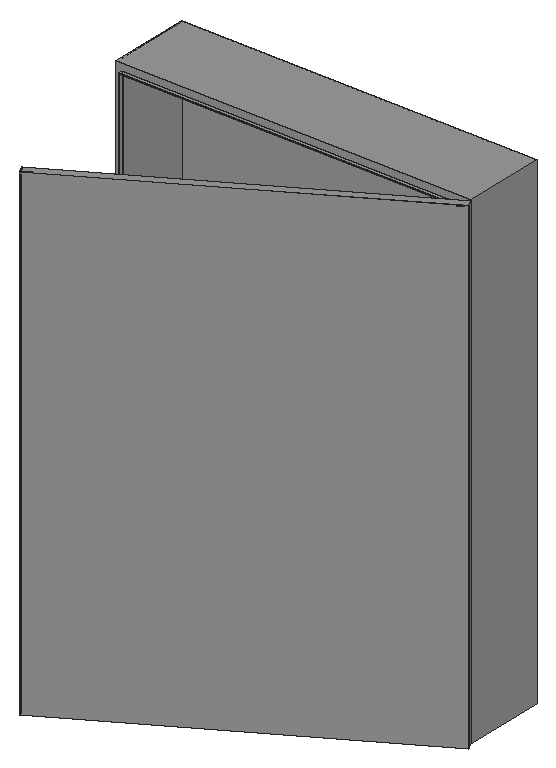
Revit family "Hager-Univers-IP44-D205-H1100-Cl.II-Encl-NoHosted-AT-de", category Equipement électrique, Revit 2020
Family settings
  Configuration du panneau = Deux colonnes, circuits au sein
  Cote de connecteur circulaire = Utiliser le diamètre
  Type d'élément = Tableau de raccordement
  Basée sur le plan de construction = Oui
  Toujours verticalement = Oui
  Couper avec des vides une fois chargée = Non
  Partagée = Non
  Point de calcul de pièce = Non
Parameters (values of type "Aufputz IP44 B800 H1100 T205  - FP73SN2")
  Width Control [instance] = if([EF000008 - Breite] > Min Width, [EF000008 - Breite], Min Width)  # 800 mm
  Commentaires du type = [HG000003 - Bereich]  # "Univers"
  Thickness Door [instance] = if([EF009171 - Materialstärke Tür/Deckel] > 3 mm, 3 mm, [EF009171 - Materialstärke Tür/Deckel])  # 1 mm
  Seal Frame Offset [instance] = 17 mm  # constant formula
  Plinth Visibility [instance] = [HG000027 - Sockelhöhe] > 0 mm  # no
  Min Width [instance] = 100 mm  # constant formula
  Min Depth [instance] = (2 * [EF009170 - Materialstärke Gehäuse]) + 1 mm  # 3 mm
  Min Height [instance] = 100 mm  # constant formula
  Internal Frame Depth [instance] = (Door System Depth * 0.5)  # 9 mm
  Panel Name [instance] = ""  # (empty or 0)
  Model = ""
  HG000027 - Sockelhöhe = 0 mm
  HG000026 - Stehend auf dem Boden = no
  HG000024 - Höhe des unteren Teils = 600 mm
  HG000023 - Gehäuse mit doppeltem Querschnitt = no
  HG000016 - 3D-Türsichtbarkeit [instance] = yes
  HG000015 - Sichtbarkeit der Türöffnung [instance] = no
  HG000014 - Tür rechts [instance] = yes
  HG000013 - Tür links [instance] = not([HG000014 - Tür rechts])  # no
  HG000012 - Türschwenkwinkel [instance] = 30.00°
  HG000010 - Asymmetrische Türen = no
  HG000009 - Doppelflügeligen Tür = no
  HG000006 - Unterputz = no
  HG000004 - Herstellerreferenz = "FP73SN2"
  HG000003 - Bereich = "Univers"
  HG000002 - Mit tür = yes
  Frame Offset Bottom [instance] = 10 mm  # constant formula
  Frame Offset [instance] = 15 mm  # constant formula
  EF015940 - Deckel mit Überdruckentlastung = no
  EF011959 - Schutzart (NEMA) = ""
  EF009554 - Anzahl der Öffnungen für Flanschplatten = 6
  EF009212 - Ausführung Deckel = "EV000116 - geschlossen"
  EF009171 - Materialstärke Tür/Deckel = 1 mm
  EF009170 - Materialstärke Gehäuse = 1 mm
  EF008873 - Nennstrom (In) = 250 A
  EF007800 - Geeignet für Blitzschutz = no
  EF006306 - Mit Schloss = no
  EF006244 - Transparenter Deckel/Tür = no
  EF005474 - Schutzart (IP) = "EV006418 - IP44"
  EF004464 - Art der Tür = "EV002646 - Einzel"
  EF004427 - Anzahl der Module = 252
  EF004293 - Schlagfestigkeit = "EV006815 - IK09"
  EF003532 - Geeignet für Außengebrauch = no
  EF002950 - Breite in Teilungseinheiten = 36
  EF001613 - Funktionserhalt = "EV000494 - ohne"
  EF001596 - Werkstoff des Gehäuses = "EV000179 - Stahl"
  EF001131 - Innentiefe = 143 mm
  EF001088 - Anbaumöglichkeit = yes
  EF000437 - Anzahl der Leitungseinführungen = 6
  EF000339 - Art der Abdeckung = "EV001012 - Deckel"
  EF000266 - Anzahl der Reihen = 7
  EF000218 - Einbautiefe = 205 mm
  EF000118 - Mit Montageplatte = no
  EF000116 - RAL-Nummer = "9010"
  EF000049 - Tiefe = 205 mm
  EF000040 - Höhe = 1100 mm
  EF000008 - Breite = 800 mm
  EF000007 - Farbe = "EV000202 - weiß"
  EF000003 - Montageart = "EV000384 - Aufputz"
  Door System Leaf Tolerance [instance] = 1.5 mm  # constant formula
  Door System Depth [instance] = 18 mm  # constant formula
  Door Height [instance] = Height Control - [HG000027 - Sockelhöhe]  # 1100 mm
  Description = ""
  Default Elevation = 1219.2 mm
  Connector Offset [instance] = Height Control / 2  # 550 mm
  Fabricant = "Hager"  # constant formula
  Height Control [instance] = if([EF000040 - Höhe] > Min Height, [EF000040 - Höhe], Min Height)  # 1100 mm
  Depth Control [instance] = if([EF000049 - Tiefe] > Min Depth, [EF000049 - Tiefe], Min Depth)  # 205 mm
  Bottom Top Plate Trim [instance] = 1.5 mm  # constant formula
  Plinth height Ctrl [instance] = if([HG000027 - Sockelhöhe] > 0 mm, [HG000027 - Sockelhöhe], 12 mm)  # 12 mm
Types (5, lengths in mm): name | Width Control | HG000010 - Asymmetrische Türen | HG000009 - Doppelflügeligen Tür | HG000004 - Herstellerreferenz | EF009554 - Anzahl der Öffnungen für Flanschplatten | EF004464 - Art der Tür | EF004427 - Anzahl der Module | EF002950 - Breite in Teilungseinheiten | EF000437 - Anzahl der Leitungseinführungen | EF000008 - Breite
  Aufputz IP44 B1050 H1100 T205  - FP74SN2 | 1050 | no | yes | "FP74SN2" | 8 | "EV003602 - Doppel" | 336 | 48 | 8 | 1050
  Aufputz IP44 B1300 H1100 T205  - FP75SN2 | 1300 | yes | yes | "FP75SN2" | 10 | "EV003602 - Doppel" | 420 | 60 | 10 | 1300
  Aufputz IP44 B300 H1100 T205  - FP71SN2 | 300 | no | no | "FP71SN2" | 2 | "EV002646 - Einzel" | 84 | 12 | 2 | 300
  Aufputz IP44 B550 H1100 T205  - FP72SN2 | 550 | no | no | "FP72SN2" | 4 | "EV002646 - Einzel" | 168 | 24 | 4 | 550
  Aufputz IP44 B800 H1100 T205  - FP73SN2 | 800 | no | no | "FP73SN2" | 6 | "EV002646 - Einzel" | 252 | 36 | 6 | 800
Reference planes
  plane 1 "Center (Front/Back)": y = 0
  plane 2: z = 0
  plane 3 "Center (Left/Right)": x = 0
  plane 4: y = 0
  plane 5: y = 0
  plane 6: z = 0
  plane 7: x = -400
  plane 8: x = 400
  plane 9: x = 399
  plane 10: x = -399
  plane 11: z = 0
  plane 12: z = 1
  plane 13: y = -205
  plane 14: y = -1
  plane 15: x = 0
  plane 16: y = -187
  plane 17: y = -204
  plane 18: y = -186
  plane 19: x = -384
  plane 20: x = 384
  plane 21: z = 11
  plane 22: x = -383
  plane 23: x = 383
  plane 24: z = 0
  plane 25: z = 1100
  plane 26: z = 1100
  plane 27: z = 1084
  plane 28: z = 1099
Forms (mm)
  Extrusion 1, solid, material "Hager_Steel_RAL7035_Light_Grey", detail levels medium+fine
    sketch origin (-208.679, -4572, 0) x (-1, 0, 0) y (0, -1, 0)
      loop
        line (191.321, -4385) -> (-608.679, -4385) -> (-608.679, -4572) -> (191.321, -4572) -> (191.321, -4385)
    from 0 to 1100
  Extrusion 2, void
    sketch origin (-350.771, -205, 1219.2) x (1, 0, 0) y (0, 0, 1)
      loop
        line (-48.229, -120.2) -> (-48.229, -1218.2) -> (749.771, -1218.2) -> (749.771, -120.2) -> (-48.229, -120.2)
    from -19 to -204
  Extrusion 3, void
    sketch origin (-290.084, -187, 1219.2) x (1, 0, 0) y (0, 0, 1)
      loop
        line (-93.916, -1208.2) -> (674.084, -1208.2) -> (674.084, -135.2) -> (-93.916, -135.2) -> (-93.916, -1208.2)
    from 0 to -1
  Extrusion 4, solid, material "Hager_Steel_RAL7035_Light_Grey", visible <- "Plinth Visibility", detail levels medium+fine
    sketch origin (0, 0, 0) x (1, 0, 0) y (0, 1, 0)
      loop
        line (-400, 0) -> (-400, -187) -> (400, -187) -> (400, 0) -> (-400, 0)
    from 0 to 12 <- "Plinth height Ctrl"
  Extrusion 5, solid, material "Hager_Steel_RAL7035_Light_Grey", detail levels coarse
    sketch origin (0, 0, 0) x (1, 0, 0) y (0, 1, 0)
      loop
        line (-400, 0) -> (-400, -205) -> (400, -205) -> (400, 0) -> (-400, 0)
    from 0 to 1100 <- "Height Control"
  Sweep 6, void
    path in 3D
      loop
        line (-400, -187, 12) -> (400, -187, 12) -> (400, 0, 12) -> (-400, 0, 12) -> (-400, -187, 12)
    profile origin (-400, -93.5, 12) x (1, 0, 0) y (0, 0, 1)
      loop
        line (0, 0) -> (0, -1.5) -> (1.5, -1.5)
        arc (1.5, -1.5) -> (1.061, -0.439) -> (0, 0) r 1.5
  Extrusion 7, solid, material "Hager_Steel_RAL7035_Light_Grey", detail levels fine
    sketch origin (-400, -187, 0) x (1, 0, 0) y (0, 0, 1)
      loop
        line (16, 11) -> (784, 11) -> (784, 1084) -> (16, 1084) -> (16, 11)
      loop
        line (15, 10) -> (785, 10) -> (785, 1085) -> (15, 1085) -> (15, 10)
    from 0 to 9 <- "Internal Frame Depth"
Cuts and joins
  Extrusion 2, Extrusion 3 cuts Extrusion 1
  Sweep 6 cuts Extrusion 4
Lines and regions (mm)
  Masking region 1
    outline origin (0, 0, 0) x (1, 0, 0) y (0, 1, 0)
      loop
        line (-400, 0) -> (-400, -205) -> (400, -205) -> (400, 0) -> (-400, 0)
  Masking region 2, detail levels coarse
    outline origin (-290.084, -187, 1219.2) x (-1, 0, 0) y (0, 0, 1)
      loop
        line (-690.084, -1219.2) -> (109.916, -1219.2) -> (109.916, -119.2) -> (-690.084, -119.2) -> (-690.084, -1219.2)
  Masking region 3, detail levels coarse
    outline origin (0, 0, 0) x (0, 1, 0) y (0, 0, 1)
      loop
        line (0, 0) -> (0, 1100) -> (-205, 1100) -> (-205, 0) -> (0, 0)
  Masking region 4, visible <- "Plinth Visibility", detail levels medium+fine
    outline origin (0, 0, 0) x (0, 1, 0) y (0, 0, 1)
      loop
        line (-1.5, 12) -> (-185.5, 12)
        arc (-185.5, 12) -> (-185.939, 10.939) -> (-187, 10.5) r 1.5
        line (-187, 10.5) -> (-187, 0) -> (0, 0) -> (0, 10.5)
        arc (0, 10.5) -> (-1.061, 10.939) -> (-1.5, 12) r 1.5
  Masking region 5, detail levels medium+fine
    outline origin (0, 0, 594.038) x (0, 1, 0) y (0, 0, 1)
      loop
        line (0, -594.038) -> (0, 505.962) -> (-187, 505.962) -> (-187, -594.038) -> (0, -594.038)
  Masking region 6, detail levels medium+fine
    outline origin (-359.7, -187, 1211.883) x (-1, 0, 0) y (0, 0, 1)
      loop
        line (-759.7, -1211.883) -> (40.3, -1211.883) -> (40.3, -111.883) -> (-759.7, -111.883) -> (-759.7, -1211.883)
  Masking region 7, visible <- "Plinth Visibility", detail levels medium+fine
    outline origin (-320.334, -187, 1041.368) x (-1, 0, 0) y (0, 0, 1)
      loop
        line (-720.334, -1041.368) -> (79.666, -1041.368) -> (79.666, -1030.868)
        arc (79.666, -1030.868) -> (78.606, -1030.429) -> (78.166, -1029.368) r 1.5
        line (78.166, -1029.368) -> (-718.834, -1029.368)
        arc (-718.834, -1029.368) -> (-719.273, -1030.429) -> (-720.334, -1030.868) r 1.5
        line (-720.334, -1030.868) -> (-720.334, -1041.368)
  sketch lines
    curve 1: line (-400, 0, 12) -> (-400, -187, 12)
    curve 2: line (-400, -187, 12) -> (400, -187, 12)
    curve 3: line (400, 0, 12) -> (-400, 0, 12)
    curve 4: line (400, -187, 12) -> (400, 0, 12)
Dimensions and locks
  locked: plane 1 "Center (Front/Back)" to plane 5
  "EF009170 - Materialstärke Gehäuse": plane 7 to plane 10
  "EF009170 - Materialstärke Gehäuse": plane 8 to plane 9
  equal spacing: plane 7, plane 3 "Center (Left/Right)", plane 8
  "Width Control": plane 7 to plane 8
  "Depth Control": plane 4 to plane 13
  "EF009170 - Materialstärke Gehäuse": plane 4 to plane 14
  "Height Control": plane 25 to level
  "HG000027 - Sockelhöhe": plane 11 to level
  "EF009170 - Materialstärke Gehäuse": plane 12 to plane 11
  "EF009170 - Materialstärke Gehäuse": plane 17 to plane 13
  "EF009170 - Materialstärke Gehäuse": plane 18 to plane 16
  "Frame Offset Bottom": plane 21 to plane 12
  "Frame Offset": plane 10 to plane 19
  "Frame Offset": plane 9 to plane 20
  "Door System Depth": plane 16 to plane 13
  "Seal Frame Offset": plane 7 to plane 22
  "Seal Frame Offset": plane 8 to plane 23
  "EF009170 - Materialstärke Gehäuse": plane 26 to plane 28
  "Frame Offset": plane 28 to plane 27
  "Connector Offset": plane 2 to connector elem
  "Bottom Top Plate Trim": profile plane to Sweep 6 sketch curve
  "Bottom Top Plate Trim": Sweep 6 sketch curve to Sweep 6 sketch curve
  "Plinth height Ctrl": Masking region 4 sketch curve to level
  "Plinth height Ctrl": Masking region 7 sketch curve to level
  "Thickness Door": Extrusion 7 sketch curve to Extrusion 7 sketch curve  (x4)
  "Bottom Top Plate Trim": radius of Sweep 6 sketch curve
  "Bottom Top Plate Trim": radius of Masking region 4 sketch curve  (x2)
  "Bottom Top Plate Trim": radius of Masking region 7 sketch curve  (x2)
  aligned and locked: Extrusion 2 sketch curve to plane 12
  aligned and locked: Extrusion 2 sketch curve to plane 9
  aligned and locked: Extrusion 2 sketch curve to plane 10
  aligned and locked: Extrusion 2 to plane 14
  aligned and locked: Extrusion 1 sketch curve to plane 4
  aligned and locked: plane 8 to Extrusion 1 sketch curve
  aligned and locked: plane 7 to Extrusion 1 sketch curve
  aligned and locked: Extrusion 2 to plane 18
  aligned and locked: Extrusion 3 sketch curve to plane 19
  aligned and locked: plane 20 to Extrusion 3 sketch curve
  aligned and locked: Extrusion 3 to Extrusion 2
  aligned and locked: Extrusion 3 sketch curve to plane 21
  aligned and locked: plane 3 "Center (Left/Right)" to nested 1
  aligned and locked: Extrusion 1 sketch curve to plane 16
  aligned and locked: Extrusion 4 sketch curve to cut or joined group of Extrusion 1, Extrusion 2, Extrusion 3
  aligned and locked: Masking region 1 sketch curve to plane 7
  aligned and locked: Masking region 1 sketch curve to plane 5
  aligned and locked: Masking region 1 sketch curve to plane 8
  aligned and locked: Masking region 2 sketch curve to level
  aligned and locked: level to Masking region 3 sketch curve
  aligned and locked: plane 1 "Center (Front/Back)" to Masking region 3 sketch curve
  aligned and locked: plane 13 to Masking region 3 sketch curve
  aligned and locked: plane 5 to Masking region 4 sketch curve
  aligned and locked: Masking region 2 sketch curve to plane 8
  aligned and locked: Masking region 2 sketch curve to plane 7
  aligned and locked: plane 7 to nested 2
  aligned and locked: nested 2 to plane 5
  aligned and locked: plane 5 to Masking region 5 sketch curve
  aligned and locked: plane 26 to Masking region 5 sketch curve
  aligned and locked: Extrusion 5 sketch curve to plane 8
  aligned and locked: Extrusion 5 sketch curve to plane 7
  aligned and locked: Extrusion 5 sketch curve to plane 5
  aligned and locked: Extrusion 3 sketch curve to plane 27
  aligned and locked: Extrusion 2 sketch curve to plane 28
  aligned and locked: Masking region 2 to plane 25
  aligned and locked: Extrusion 4 to plane 16
  aligned and locked: profile plane to Sweep 6 sketch curve
  aligned and locked: Masking region 5 sketch curve to plane 24
  aligned and locked: level to Masking region 4 sketch curve
  aligned and locked: Masking region 1 to plane 13
  aligned and locked: nested 1 to plane 16
  aligned and locked: Masking region 3 to plane 25
  aligned and locked: plane 16 to Masking region 4 sketch curve
  aligned and locked: Masking region 5 sketch curve to plane 16
  aligned and locked: plane 24 to plane 11
  aligned and locked: plane 26 to plane 25
  aligned and locked: plane 26 to cut or joined group of Extrusion 1, Extrusion 2, Extrusion 3
  aligned and locked: nested 1 to plane 24
  aligned and locked: Extrusion 1 to Extrusion 3
  aligned and locked: Masking region 6 sketch curve to plane 8
  aligned and locked: Masking region 6 sketch curve to plane 24
  aligned and locked: Masking region 6 sketch curve to plane 7
  aligned and locked: Masking region 6 sketch curve to plane 26
  aligned and locked: Masking region 7 sketch curve to plane 7
  aligned and locked: level to Masking region 7 sketch curve
  aligned and locked: Masking region 7 sketch curve to plane 8
  aligned and locked: Extrusion 7 sketch curve to cut or joined group of Extrusion 1, Extrusion 2, Extrusion 3  (x4)
Automatic sketch dimensions
  plane 19 to Extrusion 3 sketch curve = 0 mm
  Extrusion 3 sketch curve to plane 20 = 0 mm
  Extrusion 3 sketch curve to plane 21 = 0 mm
  Extrusion 4 sketch curve to plane 7 = 0 mm
  Extrusion 4 sketch curve to plane 8 = 0 mm
  Extrusion 4 sketch curve to plane 16 = 0 mm
  Masking region 1 sketch curve to plane 13 = 0 mm
  Masking region 2 sketch curve to plane 25 = 0 mm
  Masking region 3 sketch curve to plane 25 = 0 mm
  Extrusion 5 sketch curve to plane 13 = 0 mm
  profile plane to Sweep 6 sketch curve = 0 mm
Nested families
  nested 1: "EC000058_Univers_Door" at (0, -187, 0), Double <- "HG000009 - Doppelflügeligen Tür", Transparent <- "EF006244 - Transparenter Deckel/Tür", Angle <- "HG000012 - Türschwenkwinkel", Door_Right <- "HG000014 - Tür rechts", Assymetrical <- "HG000010 - Asymmetrische Türen", Door <- "HG000002 - Mit tür", Width_Ctrl <- "Width Control", 3d_Door <- "HG000016 - 3D-Türsichtbarkeit", Clearance <- "HG000015 - Sichtbarkeit der Türöffnung", Door_Left <- "HG000013 - Tür links", Width <- "Width Control", Door_Depth <- "Door System Depth", Leaf_Tolerance <- "Door System Leaf Tolerance", Height <- "Door Height", Lock_Visibility <- "EF006306 - Mit Schloss", Thickness <- "Thickness Door", type "EC000058_Univers_Door", detail levels medium+fine
    with min_wh 3 mm, Width_Ctrl 800 mm, Width 800 mm, Transparent no, Thickness 1 mm, Seal_Material Hager_Rubber, Lock_Visibility no, Lock_Material Hager_Plastic_RAL9005_Jet_Black, Leaf_Width 800 mm, Leaf_Tolerance_External_Sides 0 mm, Leaf_Tolerance 1.5 mm, Leaf_Offset 0 mm, Leaf_Height 1097 mm, Leaf_2_Width 800 mm, Leaf_2_Offset 400 mm, Leaf_1_Width 800 mm, Leaf_1_Offset 400 mm, Height_Ctrl 1100 mm, Height 1100 mm, Glass_Material Hager_Glass, Double_Clearance_Ctrl no, Double no, Door_Right_Ctrl yes, Door_Right yes, Door_Material Hager_Steel_RAL7035_Light_Grey, Door_Left_Ctrl no, Door_Left no, Door_Depth 18 mm, Door yes, Clearance_Material Hager_Clearance, Clearance_Depth 800 mm, Clearance_Ctrl no, Clearance no, Assymetrical no, Angle 30.00°, 3d_Door yes
  nested 2: "Hager_Enclosure_Symbol" at (-400, 0, 0), Height <- "Depth Control", Width <- "Width Control", type "Hager_Enclosure_Symbol"
    with Width_Ctrl 800 mm, Width 800 mm, Height_Ctrl 205 mm, Height 205 mm, A_Width_Int 13.453 mm, A_Width 161.438 mm, A_Height_Ctrl 179.375 mm, A_Height 179.375 mm
Connectors
  electrical at (0, 0, 550)
    settings: on plane 1 "Center (Front/Back)", index 1, voltage 0 V, apparent load 0 VA, apparent load phase1 0 VA, apparent load phase2 0 VA, apparent load phase3 0 VA, power factor 1, load classification "Other", number of poles 1, system type 30, power factor state 1, is connector primary yes, connector utility no, sub classification motor no, connector description ""
Definition of nested family "EC000058_Univers_Door"
  Parameters (values of type "EC000058_Univers_Door")
    min_wh [instance] = (2 * Thickness) + 1 mm  # 11 mm
    Width_Ctrl [instance] = 400 mm
    Width [instance] = 500 mm
    Transparent [instance] = yes
    Thickness [instance] = 5 mm
    Seal_Material [instance] = none
    Lock_Visibility [instance] = yes
    Lock_Material [instance] = none
    Leaf_Width [instance] = if((Width_Ctrl - 2 * Leaf_Tolerance_External_Sides) > 0 mm, (Width_Ctrl - 2 * Leaf_Tolerance_External_Sides), min_wh)  # 400 mm
    Leaf_Tolerance_External_Sides [instance] = 0 mm  # constant formula
    Leaf_Tolerance [instance] = 1.5 mm
    Leaf_Offset [instance] = 0 mm  # constant formula
    Leaf_Height [instance] = if((Height_Ctrl - 2 * Leaf_Tolerance) > 0 mm, (Height_Ctrl - 2 * Leaf_Tolerance), min_wh)  # 497 mm
    Leaf_2_Width [instance] = if(and(and(Double, Assymetrical), Door_Left), (Leaf_Width / 3) - (Leaf_Tolerance / 2), if(and(and(Double, Assymetrical), Door_Right), (Leaf_Width / 3) * 2 - (Leaf_Tolerance / 2), if(and(Double, not(Assymetrical)), (Leaf_Width / 2) - Leaf_Tolerance, Leaf_Width)))  # 400 mm
    Leaf_2_Offset [instance] = if(and(Double, Assymetrical), Leaf_2_Width / 2, if(and(Double, not(Assymetrical)), Leaf_Width / 4, Leaf_Width / 2))  # 200 mm
    Leaf_1_Width [instance] = if(and(and(Double, Assymetrical), Door_Right), (Leaf_Width / 3) - (Leaf_Tolerance / 2), if(and(and(Double, Assymetrical), Door_Left), (Width / 3) * 2 - (Leaf_Tolerance / 2), if(and(Double, not(Assymetrical)), (Leaf_Width / 2) - Leaf_Tolerance, Leaf_Width)))  # 400 mm
    Leaf_1_Offset [instance] = if(and(Double, Assymetrical), Leaf_1_Width / 2, if(and(Double, not(Assymetrical)), Leaf_Width / 4, Leaf_Width / 2))  # 200 mm
    Height_Ctrl [instance] = if(Height > min_wh, Height, min_wh)  # 500 mm
    Height [instance] = 500 mm
    Glass_Material [instance] = none
    Double_Clearance_Ctrl [instance] = and(Double, Clearance)  # no
    Double [instance] = no
    Door_Right_Ctrl [instance] = and(or(Door_Right, Double), Door)  # yes
    Door_Right [instance] = yes
    Door_Material [instance] = none
    Door_Left_Ctrl [instance] = and(or(Door_Left, Double), Door)  # no
    Door_Left [instance] = no
    Door_Depth [instance] = 30 mm
    Door [instance] = yes
    Default Elevation = 1219.2 mm
    Clearance_Material [instance] = none
    Clearance_Depth [instance] = if(Leaf_1_Width > Leaf_2_Width, Leaf_1_Width, Leaf_2_Width)  # 400 mm
    Clearance_Ctrl [instance] = and(not(Double), Clearance)  # yes
    Clearance [instance] = yes
    Assymetrical [instance] = yes
    Angle [instance] = 30.00°
    3d_Door [instance] = yes
  Reference planes
    plane 1 "Center (Front/Back)": y = 0
    plane 2 "Bottom": z = 0
    plane 3 "Center (Left/Right)": x = 0
    plane 4: z = 500
    plane 5: x = -200
    plane 6: x = 200
    plane 7: z = 500
    plane 8: x = -200
    plane 9: z = 0
    plane 10: x = 200
    plane 11: y = 0
    plane 12: z = 1.5
    plane 13: x = -600
    plane 14: y = -400
    plane 15: x = 600
    plane 16: x = 0
    plane 17: x = 0
    plane 18: x = -200
    plane 19: x = 200
    plane 20: z = 498.5
  Forms (mm)
    Extrusion 1, solid, material <- "Clearance_Material", visible <- "Double_Clearance_Ctrl"
      sketch origin (1200, 0, 0) x (1, 0, 0) y (0, 0, -1)
        loop
          line (-1800, -498.5) -> (-600, -498.5) -> (-600, 0) -> (-1800, 0) -> (-1800, -498.5)
      from 0 to -400
  Dimensions and locks
    equal spacing: plane 5, plane 3 "Center (Left/Right)", plane 6
    "Width_Ctrl": plane 5 to plane 6
    "Leaf_Offset": plane 5 to plane 8
    "Leaf_Offset": plane 6 to plane 10
    "Leaf_Offset": plane 9 to level
    "Leaf_Offset": plane 4 to plane 7
    "Height_Ctrl": plane 4 to level
    "Leaf_Tolerance": plane 12 to plane 9
    locked: plane 11 to plane 1 "Center (Front/Back)"
    "Leaf_1_Offset": plane 18 to plane 16
    "Leaf_2_Offset": plane 17 to plane 19
    "Leaf_1_Width": plane 13 to plane 8
    "Leaf_2_Width": plane 10 to plane 15
    "Clearance_Depth": plane 14 to plane 1 "Center (Front/Back)"
    "Leaf_Tolerance_External_Sides": plane 8 to plane 18
    "Leaf_Tolerance_External_Sides": plane 19 to plane 10
    "Leaf_Tolerance": plane 7 to plane 20
    aligned and locked: level to plane 2 "Bottom"
    aligned and locked: nested 1 to plane 16
    aligned and locked: nested 2 to plane 17
    aligned and locked: Extrusion 1 to plane 13
    aligned and locked: plane 15 to Extrusion 1
    aligned and locked: Extrusion 1 to plane 14
    aligned and locked: plane 12 to nested 1
    aligned and locked: nested 2 to plane 12
    aligned and locked: Extrusion 1 to plane 11
    aligned and locked: plane 20 to Extrusion 1
    aligned and locked: nested 2 to plane 11
    aligned and locked: nested 1 to plane 11
  Automatic sketch dimensions
    Extrusion 1 sketch curve to level = 0 mm
    plane 5 to Extrusion 1 sketch curve = 400 mm
    plane 6 to Extrusion 1 sketch curve = 400 mm
    Extrusion 1 sketch curve to plane 4 = 1.5 mm
  Nested families
    nested 1: "EC000058_Univers_Door_Leaf" at (0, 0, 1.5), Width <- "Leaf_1_Width", visible <- "Door_Left_Ctrl", Leaf_Height <- "Leaf_Height", Angle <- "Angle", 3d_Door <- "3d_Door", Transparent <- "Transparent", Clearance Material <- "Clearance_Material", Clearance <- "Clearance_Ctrl", Door_Material <- "Door_Material", Glass_Material <- "Glass_Material", Door_Depth <- "Door_Depth", Lock_Material <- "Lock_Material", Seal_Material <- "Seal_Material", Lock_Visibility <- "Lock_Visibility", Thickness <- "Thickness", type "EC000058_Univers_Door_Leaf"
      with Width 400 mm, Transparent_Glass_Offset 30 mm, Transparent_Ctrl yes, Transparent yes, Thickness 5 mm, Standard no, Seal_Material none, Seal_D2 8 mm, Seal_D1 1 mm, Offset_Internal_Frame 10 mm, Lock_Width 20 mm, Lock_Visibility_3d yes, Lock_Visibility yes, Lock_Thickness_3 3 mm, Lock_Thickness_2 1 mm, Lock_Thickness_1 3 mm, Lock_Radius_Offset_2 16 mm, Lock_Radius_Offset_1 15 mm, Lock_Radius_2 5 mm, Lock_Radius 6 mm, Lock_Offset 5 mm, Lock_Material none, Lock_Height 80 mm, Lock_Cover_Top_Offset_2d 17 mm, Lock_Cover_Height -65 mm, Leaf_Height 497 mm, Internal_Seal_Thickness 8 mm, Internal_Seal_Depth_2 4.5 mm, Internal_Frame_Depth 25 mm, Glass_Thickness -1 mm, Glass_Offset -2 mm, Glass_Material none, Door_Material none, Door_Depth 30 mm, Clearance Material none, Clearance yes, Angle_Ctrl 30.00°, Angle 30.00°, 3d_Door yes
    nested 2: "EC000058_Univers_Door_Leaf" at (0, 0, 1.5) x (-1, 0, 0) z (0, 0, 1), Width <- "Leaf_2_Width", visible <- "Door_Right_Ctrl", Leaf_Height <- "Leaf_Height", Angle <- "Angle", 3d_Door <- "3d_Door", Transparent <- "Transparent", Clearance Material <- "Clearance_Material", Clearance <- "Clearance_Ctrl", Door_Material <- "Door_Material", Glass_Material <- "Glass_Material", Door_Depth <- "Door_Depth", Lock_Material <- "Lock_Material", Seal_Material <- "Seal_Material", Lock_Visibility <- "Lock_Visibility", Thickness <- "Thickness", type "EC000058_Univers_Door_Leaf"
      with Width 400 mm, Transparent_Glass_Offset 30 mm, Transparent_Ctrl yes, Transparent yes, Thickness 5 mm, Standard no, Seal_Material none, Seal_D2 8 mm, Seal_D1 1 mm, Offset_Internal_Frame 10 mm, Lock_Width 20 mm, Lock_Visibility_3d yes, Lock_Visibility yes, Lock_Thickness_3 3 mm, Lock_Thickness_2 1 mm, Lock_Thickness_1 3 mm, Lock_Radius_Offset_2 16 mm, Lock_Radius_Offset_1 15 mm, Lock_Radius_2 5 mm, Lock_Radius 6 mm, Lock_Offset 5 mm, Lock_Material none, Lock_Height 80 mm, Lock_Cover_Top_Offset_2d 17 mm, Lock_Cover_Height -65 mm, Leaf_Height 497 mm, Internal_Seal_Thickness 8 mm, Internal_Seal_Depth_2 4.5 mm, Internal_Frame_Depth 25 mm, Glass_Thickness -1 mm, Glass_Offset -2 mm, Glass_Material none, Door_Material none, Door_Depth 30 mm, Clearance Material none, Clearance yes, Angle_Ctrl 30.00°, Angle 30.00°, 3d_Door yes
  Definition of nested family "EC000058_Univers_Door_Leaf"
    Parameters (values of type "EC000058_Univers_Door_Leaf")
      Width [instance] = 2000 mm
      Transparent_Glass_Offset [instance] = 30 mm
      Transparent_Ctrl [instance] = and(Transparent, [3d_Door])  # yes
      Transparent [instance] = yes
      Thickness [instance] = 5 mm
      Standard [instance] = and(not(Transparent), [3d_Door])  # no
      Seal_Material [instance] = none
      Seal_D2 [instance] = 8 mm  # constant formula
      Seal_D1 [instance] = 1 mm  # constant formula
      Offset_Internal_Frame [instance] = 10 mm  # constant formula
      Lock_Width [instance] = 20 mm  # constant formula
      Lock_Visibility_3d [instance] = and(Lock_Visibility, [3d_Door])  # yes
      Lock_Visibility [instance] = yes
      Lock_Thickness_3 [instance] = 3 mm  # constant formula
      Lock_Thickness_2 [instance] = 1 mm  # constant formula
      Lock_Thickness_1 [instance] = 3 mm  # constant formula
      Lock_Radius_Offset_2 [instance] = Lock_Radius_Offset_1 + 1 mm  # 16 mm
      Lock_Radius_Offset_1 [instance] = 15 mm  # constant formula
      Lock_Radius_2 [instance] = Lock_Radius - 1 mm  # 5 mm
      Lock_Radius [instance] = 6 mm  # constant formula
      Lock_Offset [instance] = 5 mm  # constant formula
      Lock_Material [instance] = none
      Lock_Height [instance] = 80 mm  # constant formula
      Lock_Cover_Top_Offset_2d [instance] = Lock_Radius_Offset_2 + 1 mm  # 17 mm
      Lock_Cover_Height [instance] = -(Lock_Height - Lock_Radius_Offset_1)  # -65 mm
      Leaf_Height [instance] = 2720.336 mm
      Internal_Seal_Thickness [instance] = 8 mm  # constant formula
      Internal_Seal_Depth_2 [instance] = 4.5 mm  # constant formula
      Internal_Frame_Depth [instance] = if(Door_Depth - Thickness > 5 mm, Door_Depth - Thickness, 5 mm)  # 25 mm
      Glass_Thickness [instance] = if(Thickness > 15 mm, Glass_Offset + 10 mm, -1 mm)  # -1 mm
      Glass_Offset [instance] = if(Thickness > 15 mm, -(Thickness + 10 mm) / 2, -2 mm)  # -2 mm
      Glass_Material [instance] = none
      Door_Material [instance] = none
      Door_Depth [instance] = 30 mm
      Default Elevation = 0 mm
      Clearance Material [instance] = none
      Clearance [instance] = yes
      Angle_Ctrl [instance] = if(Angle > 180.00°, 180.00°, Angle)  # 90.00°
      Angle [instance] = 90.00°
      3d_Door [instance] = yes
    Reference planes
      plane 1 "Center (Front/Back)": y = 0
      plane 2: z = 0
      plane 3 "Center (Left/Right)": x = 0
      plane 4: y = 2000
      plane 5: x = -1000
      plane 6: x = 1000
      plane 7: x = -3000
      plane 8: z = 2720.336
      plane 9: z = 30
      plane 10: z = 2690.336
      plane 11: x = 970
      plane 12: x = -970
      plane 13: y = -3
      plane 14: z = 107.833
      plane 15: y = -5
      plane 16: y = -223.314
      plane 17: x = -1000
      plane 18: z = 1360.168
      plane 19: y = 30
    Forms (mm)
      Extrusion 1, solid, material <- "Clearance Material", visible <- "Clearance"
        sketch origin (0, 0, 0) x (1, 0, 0) y (0, 0, 1)
          loop
            line (-3000, 2720.336) -> (-3000, 0) -> (1000, 0) -> (1000, 2720.336) -> (-3000, 2720.336)
        from 0 to -2000
      Extrusion 2, solid, material <- "Door_Material", visible <- "Standard", detail levels medium+fine
        sketch origin (-1000, 0, 0) x (0, 1, 0) y (-1, 0, 0)
          loop
            line (0, 30) -> (0, 25) -> (2000, 25) -> (2000, 30) -> (0, 30)
        from 0 to 2720.336 <- "Leaf_Height"
      Extrusion 3, solid, material <- "Door_Material", visible <- "Transparent_Ctrl", detail levels medium+fine
        sketch origin (-1000, 0, 0) x (0, 1, 0) y (-1, 0, 0)
          loop
            line (0, 25) -> (2000, 25) -> (2000, 30) -> (0, 30) -> (0, 25)
        from 0 to 2720.336 <- "Leaf_Height"
      Extrusion 4, void
        sketch origin (-1025, 2000, 0) x (0, 1, 0) y (0, 0, -1)
          loop
            line (-30, -2690.336) -> (-30, -30) -> (-1970, -30) -> (-1970, -2690.336) -> (-30, -2690.336)
        from 0 to 5 <- "Thickness"
      Sweep 5, solid, material <- "Seal_Material", visible <- "Transparent_Ctrl", detail levels fine
        path in 3D
          loop
            line (-1025, 30, 30) -> (-1025, 30, 2690.336) -> (-1025, 1970, 2690.336) -> (-1025, 1970, 30) -> (-1025, 30, 30)
        profile origin (-1025, 1000, 30) x (1, 0, 0) y (0, 0, 1)
          loop
            line (0, 0) -> (0, -8) -> (1, -8) -> (1, 0) -> (0, 0)
      Extrusion 6, solid, material <- "Glass_Material", visible <- "Transparent_Ctrl", detail levels medium+fine
        sketch origin (-1030, 0, 0) x (0, 1, 0) y (0, 0, -1)
          loop
            line (1970, -2690.336) -> (1970, -30) -> (30, -30) -> (30, -2690.336) -> (1970, -2690.336)
        from -2 <- "Glass_Offset" to -1 <- "Glass_Thickness"
      Extrusion 7, solid, material <- "Door_Material", visible <- "3d_Door", detail levels medium+fine
        sketch origin (-1025, 2000, 0) x (0, -1, 0) y (0, 0, -1)
          loop
            line (0, -2720.336) -> (2000, -2720.336) -> (2000, 0) -> (0, 0) -> (0, -2720.336)
          loop
            line (1995, -5) -> (5, -5) -> (5, -2715.336) -> (1995, -2715.336) -> (1995, -5)
        from 0 to 25 <- "Internal_Frame_Depth"
      Sweep 8, solid, material <- "Seal_Material", visible <- "Transparent_Ctrl", detail levels fine
        path in 3D
          loop
            line (-1025, 0, 0) -> (-1025, 2000, 0) -> (-1025, 2000, 2720.336) -> (-1025, 0, 2720.336) -> (-1025, 0, 0)
        profile origin (-1025, 0, 1360.168) x (1, 0, 0) y (0, 1, 0)
          loop
            line (0, 10) -> (2.975, 10)
            arc (2.975, 10) -> (4.053, 10.447) -> (4.5, 11.525) r 1.525
            line (4.5, 11.525) -> (4.5, 16.527)
            arc (4.5, 16.527) -> (4.069, 17.569) -> (3.027, 18) r 1.473
            line (3.027, 18) -> (0, 18) -> (0, 10)
      Extrusion 9, solid, material <- "Lock_Material", visible <- "Lock_Visibility_3d", detail levels fine
        sketch origin (-1030, 0, 0) x (0, 1, 0) y (0, 0, -1)
          loop
            arc (1993.5, -1400.168) -> (1994.561, -1399.729) -> (1995, -1398.668) r 1.5
            line (1995, -1398.668) -> (1995, -1320.168) -> (1975, -1320.168) -> (1975, -1398.668)
            arc (1975, -1398.668) -> (1975.439, -1399.729) -> (1976.5, -1400.168) r 1.5
            line (1976.5, -1400.168) -> (1993.5, -1400.168)
        from 3 <- "Lock_Thickness_1" to 0
      Blend 10, solid, material <- "Lock_Material", visible <- "Lock_Visibility_3d", detail levels fine
        base sketch origin (-1033, 0, 0) x (0, 1, 0) y (0, 0, -1)
          loop
            line (1975, -1320.168) -> (1975, -1398.668)
            arc (1975, -1398.668) -> (1975.439, -1399.729) -> (1976.5, -1400.168) r 1.5
            line (1976.5, -1400.168) -> (1993.5, -1400.168)
            arc (1993.5, -1400.168) -> (1994.561, -1399.729) -> (1995, -1398.668) r 1.5
            line (1995, -1398.668) -> (1995, -1320.168) -> (1975, -1320.168)
        top sketch origin (-1033, 0, 0) x (0, 1, 0) y (0, 0, -1)
          loop
            line (1976, -1320.168) -> (1976, -1398.668)
            arc (1976, -1398.668) -> (1976.146, -1399.022) -> (1976.5, -1399.168) r 0.5
            line (1976.5, -1399.168) -> (1993.5, -1399.168)
            arc (1993.5, -1399.168) -> (1993.854, -1399.022) -> (1994, -1398.668) r 0.5
            line (1994, -1398.668) -> (1994, -1320.168) -> (1976, -1320.168)
        from 0 to 1 <- "Lock_Thickness_2"
      Blend 11, solid, material <- "Lock_Material", visible <- "Lock_Visibility_3d", detail levels fine
        base sketch origin (-1034, 0, 0) x (0, 1, 0) y (0, 0, -1)
          loop
            line (1978, -1320.168) -> (1978, -1384.168)
            arc (1978, -1384.168) -> (1985, -1391.168) -> (1992, -1384.168) r 7
            line (1992, -1384.168) -> (1992, -1320.168) -> (1978, -1320.168)
        top sketch origin (-1034, 0, 0) x (0, 1, 0) y (0, 0, -1)
          loop
            line (1991, -1320.168) -> (1979, -1320.168) -> (1979, -1383.168)
            arc (1979, -1383.168) -> (1985, -1389.168) -> (1991, -1383.168) r 6
            line (1991, -1383.168) -> (1991, -1320.168)
        from 0 to 3 <- "Lock_Thickness_3"
      Extrusion 12, solid, material <- "Lock_Material", visible <- "Lock_Visibility_3d", detail levels fine
        sketch origin (-1030, 1975, 1320.168) x (1, 0, 0) y (0, -1, 0)
          loop
            line (-7, -19) -> (-7, -1) -> (0, -1) -> (0, 0) -> (-8, 0) -> (-8, -20) -> (0, -20) -> (0, -19) -> (-7, -19)
        from 0 to -65 <- "Lock_Cover_Height"
      Extrusion 13, void
        sketch origin (-1038, 1995, 1320.168) x (-1, 0, 0) y (0, 0, -1)
          loop
            line (-5, -65) -> (0, -65) -> (-5, -60) -> (-5, -65)
        from 0 to 20 <- "Lock_Width"
      Extrusion 14, void
        sketch origin (-1038, 1975, 1320.168) x (0, -1, 0) y (0, 0, -1)
          loop
            circle (-10, -15.995) r 6
          loop
            circle (-10, -15.995) r 5
        from 0 to 2
      Extrusion 15, solid, material <- "Lock_Material", visible <- "Lock_Visibility_3d", detail levels medium
        sketch origin (-1030, 0, 0) x (0, 1, 0) y (0, 0, -1)
          loop
            arc (1993.5, -1400.168) -> (1994.561, -1399.729) -> (1995, -1398.668) r 1.5
            line (1995, -1398.668) -> (1995, -1320.168) -> (1975, -1320.168) -> (1975, -1398.668)
            arc (1975, -1398.668) -> (1975.439, -1399.729) -> (1976.5, -1400.168) r 1.5
            line (1976.5, -1400.168) -> (1993.5, -1400.168)
        from 8 to 0
    Cuts and joins
      Extrusion 4 cuts Extrusion 3
      Extrusion 13, Extrusion 14 cuts Extrusion 9
      Extrusion 14 cuts Blend 11
      Extrusion 13, Extrusion 14 cuts Extrusion 12
      joined: Extrusion 9, Blend 10, Blend 11, Extrusion 12
      Extrusion 14 cuts Extrusion 15
    Lines and regions (mm)
      Masking region 1, visible <- "Lock_Visibility", detail levels fine
        outline origin (0, 0, 0) x (0, 1, 0) y (0, 0, 1)
          loop
            line (30, 1320.168) -> (33, 1320.168) -> (33, 1400.168) -> (30, 1400.168) -> (30, 1320.168)
      Masking region 2, visible <- "Lock_Visibility", detail levels fine
        outline origin (0, 3.143, 0) x (0, 1, 0) y (0, 0, 1)
          loop
            line (29.857, 1354.168) -> (30.857, 1354.168) -> (30.857, 1366.168) -> (29.857, 1366.168) -> (29.857, 1354.168)
      Masking region 3, detail levels medium+fine
        outline origin (0, 0, 0) x (0, 1, 0) y (0, 0, 1)
          loop
            line (0, 0) -> (30, 0) -> (30, 2720.336) -> (0, 2720.336) -> (0, 0)
      Masking region 4, detail levels medium+fine
        outline origin (0, 0, 0) x (1, 0, 0) y (0, 0, 1)
          loop
            line (-1000, 2720.336) -> (-1000, 0) -> (1000, 0) -> (1000, 2720.336) -> (-1000, 2720.336)
      Masking region 5, visible <- "Lock_Visibility", detail levels fine
        outline origin (-47.116, 0, 0) x (1, 0, 0) y (0, 0, 1)
          loop
            arc (1024.616, 1399.168) -> (1023.556, 1398.729) -> (1023.116, 1397.668) r 1.5
            line (1023.116, 1397.668) -> (1023.116, 1320.168) -> (1041.116, 1320.168) -> (1041.116, 1397.668)
            arc (1041.116, 1397.668) -> (1040.677, 1398.729) -> (1039.616, 1399.168) r 1.5
            line (1039.616, 1399.168) -> (1024.616, 1399.168)
      Masking region 6, visible <- "Lock_Visibility", detail levels medium+fine
        outline origin (-25, 0, 0) x (1, 0, 0) y (0, 0, 1)
          loop
            arc (1001.5, 1400.168) -> (1000.439, 1399.729) -> (1000, 1398.668) r 1.5
            line (1000, 1398.668) -> (1000, 1320.168) -> (1020, 1320.168) -> (1020, 1398.668)
            arc (1020, 1398.668) -> (1019.561, 1399.729) -> (1018.5, 1400.168) r 1.5
            line (1018.5, 1400.168) -> (1001.5, 1400.168)
      Masking region 7, visible <- "Lock_Visibility", detail levels fine
        outline origin (-73.735, 0, 0) x (1, 0, 0) y (0, 0, 1)
          loop
            line (1051.735, 1382.168) -> (1065.735, 1382.168) -> (1065.735, 1384.168)
            arc (1065.735, 1384.168) -> (1058.735, 1391.168) -> (1051.735, 1384.168) r 7
            line (1051.735, 1384.168) -> (1051.735, 1382.168)
      Masking region 8, visible <- "Lock_Visibility", detail levels fine
        outline origin (-73.735, 0, 0) x (1, 0, 0) y (0, 0, 1)
          loop
            line (1052.735, 1382.168) -> (1064.735, 1382.168) -> (1064.735, 1383.168)
            arc (1064.735, 1383.168) -> (1058.735, 1389.168) -> (1052.735, 1383.168) r 6
            line (1052.735, 1383.168) -> (1052.735, 1382.168)
      Masking region 9, visible <- "Lock_Visibility", detail levels fine
        outline origin (-25, 0, 0) x (1, 0, 0) y (0, 0, 1)
          loop
            line (1020, 1320.168) -> (1020, 1382.168) -> (1000, 1382.168) -> (1000, 1320.168) -> (1020, 1320.168)
      Masking region 10, detail levels medium+fine
        outline origin (0, 0, 0) x (1, 0, 0) y (0, 0, 1)
          loop
            circle (985, 1335.144) r 6
      Masking region 11, detail levels fine
        outline origin (0, 0, 0) x (1, 0, 0) y (0, 0, 1)
          loop
            circle (985, 1335.144) r 5
      Masking region 12, visible <- "Lock_Visibility", detail levels fine
        outline origin (0, 12.767, 0) x (0, 1, 0) y (0, 0, 1)
          loop
            line (20.233, 1320.168) -> (21.233, 1320.168) -> (21.233, 1399.168) -> (20.233, 1400.168) -> (20.233, 1320.168)
      Masking region 13, visible <- "Lock_Visibility", detail levels fine
        outline origin (0, 13.767, -10) x (0, 1, 0) y (0, 0, 1)
          loop
            line (20.233, 1330.168) -> (23.233, 1330.168) -> (23.233, 1399.168) -> (20.233, 1402.168) -> (20.233, 1330.168)
      Masking region 14, visible <- "Lock_Visibility", detail levels fine
        outline origin (0, 12.767, -10) x (0, 1, 0) y (0, 0, 1)
          loop
            line (20.233, 1330.168) -> (25.233, 1330.168) -> (25.233, 1399.305) -> (20.233, 1394.305) -> (20.233, 1330.168)
      Masking region 15, visible <- "Lock_Visibility", detail levels medium
        outline origin (0, 0, 0) x (0, 1, 0) y (0, 0, 1)
          loop
            line (30, 1320.168) -> (38, 1320.168) -> (38, 1400.168) -> (30, 1400.168) -> (30, 1320.168)
      Masking region 16, visible <- "Lock_Visibility", detail levels fine
        outline origin (-1000, 0, 0) x (0, 1, 0) y (-1, 0, 0)
          loop
            line (1975, 30) -> (1995, 30) -> (1995, 38) -> (1975, 38) -> (1975, 30)
          loop
            line (1979, 37) -> (1976, 37) -> (1976, 34) -> (1978, 34) -> (1979, 37)
          loop
            line (1994, 37) -> (1991, 37) -> (1992, 34) -> (1994, 34) -> (1994, 37)
      Masking region 17, visible <- "Lock_Visibility", detail levels medium
        outline origin (-1000, 0, 0) x (0, 1, 0) y (-1, 0, 0)
          loop
            line (1975, 30) -> (1995, 30) -> (1995, 38) -> (1975, 38) -> (1975, 30)
      symbolic lines
        curve 1: line (1000, 0, 0) -> (-3000, 0, 0)
        curve 2: arc (1000, 0, 0) -> (-1000, 2000, 0) -> (-3000, 0, 0) r 2000
        curve 4: line (-1030, 0, 0) -> (-1030, 2000, 0)
      reference lines
        curve 3: line (-1000, 0, 0) -> (-1000, 2000, 0)
      symbolic lines, detail levels medium+fine
        curve 5: line (-1030, 2000, 0) -> (-1025, 2000, 0)
        curve 7: line (-1025, 0, 0) -> (-1030, 0, 0)
        curve 8: line (-1025, 0, 0) -> (-1000, 0, 0)
        curve 9: line (-1000, 0, 0) -> (-1000, 2000, 0)
        curve 10: line (-1000, 2000, 0) -> (-1025, 2000, 0)
      symbolic lines, detail levels fine
        curve 6: line (-1025, 2000, 0) -> (-1025, 0, 0)
      sketch lines
        curve 11: line (-1025, 0, 2720.336) -> (-1025, 0, 0)
        curve 12: line (-1025, 2000, 0) -> (-1025, 0, 0)
        curve 13: line (-1025, 2000, 2720.336) -> (-1025, 2000, 0)
        curve 14: line (-1025, 0, 2720.336) -> (-1025, 2000, 2720.336)
        curve 15: line (-1025, 1970, 30) -> (-1025, 30, 30)
        curve 16: line (-1025, 30, 30) -> (-1025, 30, 2690.336)
        curve 17: line (-1025, 1970, 2690.336) -> (-1025, 1970, 30)
        curve 18: line (-1025, 30, 2690.336) -> (-1025, 1970, 2690.336)
      symbolic lines, visible <- "Transparent", detail levels medium+fine
        curve 19: line (-970, 0, 2690.336) -> (970, 0, 2690.336)
        curve 20: line (-970, 0, 30) -> (-970, 0, 2690.336)
        curve 21: line (970, 0, 30) -> (-970, 0, 30)
        curve 22: line (970, 0, 2690.336) -> (970, 0, 30)
    Dimensions and locks
      "Width": plane 1 "Center (Front/Back)" to plane 4
      equal spacing: plane 5, plane 3 "Center (Left/Right)", plane 6
      "Width": plane 5 to plane 6
      "Width": plane 7 to plane 5
      "Leaf_Height": plane 8 to level
      "Width": curve 5 to curve 3
      "Width": curve 3 to curve 3
      plane 8 to plane 10 = 30 mm
      plane 9 to level = 30 mm
      plane 12 to plane 5 = 30 mm
      plane 6 to plane 11 = 30 mm
      Extrusion 1 to Extrusion 4 sketch curve = 30 mm
      "Transparent_Glass_Offset": curve 3 to Extrusion 4 sketch curve
      "Transparent_Glass_Offset": Extrusion 4 sketch curve to cut or joined group of Extrusion 3, Extrusion 4  (x2)
      cut or joined group of Extrusion 3, Extrusion 4 to Extrusion 6 sketch curve = 30 mm
      "Transparent_Glass_Offset": cut or joined group of Extrusion 3, Extrusion 4 to Extrusion 4 sketch curve
      "Thickness": curve 6 to curve 4
      "Thickness": Extrusion 7 sketch curve to Extrusion 7 sketch curve  (x4)
      "Door_Depth": curve 4 to curve 3
      "Offset_Internal_Frame": profile plane to Sweep 8 sketch curve
      "Internal_Seal_Thickness": Sweep 8 sketch curve to Sweep 8 sketch curve
      "Internal_Seal_Depth_2": profile plane to Sweep 8 sketch curve
      "Seal_D1": profile plane to Sweep 5 sketch curve
      "Seal_D2": profile plane to Sweep 5 sketch curve
      "Thickness": Extrusion 2 sketch curve to Extrusion 2 sketch curve
      equal spacing: Extrusion 9 sketch curve, plane 18, Extrusion 9 sketch curve  (x2)
      equal spacing: Masking region 1 sketch curve, plane 18, Masking region 1 sketch curve
      "Lock_Height": Masking region 1 sketch curve to Masking region 1 sketch curve
      "Lock_Radius": Masking region 2 sketch curve to plane 18 to Masking region 2 sketch curve
      Masking region 2 sketch curve to Masking region 1 = 1 mm
      "Door_Depth": plane 19 to plane 1 "Center (Front/Back)"
      "Lock_Thickness_1": Masking region 1 sketch curve to plane 19
      "Lock_Width": Extrusion 9 sketch curve to Extrusion 9 sketch curve
      "Lock_Height": Extrusion 9 sketch curve to Extrusion 9 sketch curve
      "Lock_Offset": cut or joined group of Extrusion 3, Extrusion 4 to Extrusion 9 sketch curve
      equal spacing: plane 8, plane 18, level
      "Lock_Radius_Offset_1": Blend 11 sketch curve to Blend 10
      locked: Blend 10 to Blend 11 sketch curve at 2  (x2)
      locked: var sketch to Blend 11 sketch curve at 1  (x2)
      "Lock_Radius_Offset_2": Blend 11 sketch curve to Blend 10
      locked: Extrusion 12 sketch curve to Extrusion 12 sketch curve at 1  (x3)
      Masking region 6 sketch curve to Masking region 6 sketch curve = 80 mm
      "Lock_Height": Masking region 6 sketch curve to Masking region 6 sketch curve
      "Lock_Width": Masking region 6 sketch curve to Masking region 6 sketch curve
      locked: Masking region 6 to Masking region 5 sketch curve at 1  (x3)
      locked: Masking region 5 to Masking region 7 sketch curve at 2  (x2)
      "Lock_Radius_Offset_1": Masking region 5 to Masking region 7 sketch curve
      "Lock_Radius_Offset_2": Masking region 5 to Masking region 8 sketch curve
      locked: Masking region 7 to Masking region 8 sketch curve at 1  (x2)
      "Lock_Cover_Top_Offset_2d": Masking region 5 to Masking region 9 sketch curve
      equal spacing: Masking region 9, Masking region 10 sketch curve, Masking region 9
      equal spacing: Masking region 9, Masking region 11 sketch curve, Masking region 9
      Extrusion 15 sketch curve to Extrusion 15 sketch curve = 80 mm
      "Lock_Width": Extrusion 15 sketch curve to Extrusion 15 sketch curve
      "Lock_Height": Extrusion 15 sketch curve to Extrusion 15 sketch curve
      equal spacing: Extrusion 15 sketch curve, plane 18, Extrusion 15 sketch curve
      "Lock_Thickness_3": Masking region 13 sketch curve to Masking region 13 sketch curve
      "Lock_Height": Masking region 12 sketch curve to Masking region 12 sketch curve
      locked: Masking region 13 sketch curve to Masking region 1 at 8
      locked: Masking region 14 sketch curve to Masking region 13 at 1
      locked: Masking region 14 sketch curve to Masking region 1 at 10.863
      "Lock_Height": Masking region 15 sketch curve to Masking region 15 sketch curve
      "Lock_Offset": Extrusion 15 sketch curve to cut or joined group of Extrusion 3, Extrusion 4
      "Lock_Offset": plane 6 to Masking region 6 sketch curve
      radius of Sweep 8 sketch curve = 1.525 mm
      radius of Sweep 8 sketch curve = 1.473 mm
      radius of Extrusion 9 sketch curve = 1.5 mm  (x2)
      "Lock_Radius": radius of Extrusion 14 sketch curve
      "Lock_Radius_2": radius of Extrusion 14 sketch curve
      "Lock_Radius": radius of Masking region 10 sketch curve
      "Lock_Radius_2": radius of Masking region 11 sketch curve
      radius of Extrusion 15 sketch curve = 1.5 mm  (x2)
      "Angle_Ctrl": angle plane 1 "Center (Front/Back)" to curve 3
      locked: Masking region 12 sketch curve to Masking region 12 sketch curve (angle 45.00°)
      locked: Masking region 13 sketch curve to Masking region 13 sketch curve (angle 45.00°)
      locked: Masking region 14 sketch curve to Masking region 14 sketch curve (angle 45.00°)
      aligned and locked: level to plane 2
      aligned and locked: Extrusion 1 to curve 1
      aligned and locked: plane 6 to Extrusion 1
      aligned and locked: Extrusion 1 to plane 1 "Center (Front/Back)"
      aligned and locked: plane 4 to Extrusion 1
      aligned and locked: plane 8 to Extrusion 1
      aligned and locked: curve 7 to Extrusion 2 sketch curve
      aligned and locked: curve 5 to Extrusion 2 sketch curve
      aligned and locked: curve 7 to Extrusion 3 sketch curve
      aligned and locked: Extrusion 3 sketch curve to curve 4
      aligned and locked: Extrusion 3 sketch curve to curve 6
      aligned and locked: Extrusion 3 sketch curve to curve 5
      aligned and locked: curve 9 to curve 3
      aligned and locked: Extrusion 7 sketch curve to cut or joined group of Extrusion 3, Extrusion 4  (x4)
      aligned and locked: plane 17 to curve 3
      aligned and locked: plane 1 "Center (Front/Back)" to curve 3
      aligned and locked: plane 17 to plane 5
      aligned and locked: Sweep 8 sketch curve to profile plane
      aligned and locked: Sweep 5 sketch curve to profile plane  (x2)
      aligned and locked: Masking region 1 to Masking region 2 sketch curve
      aligned and locked: plane 19 to Masking region 1 sketch curve
      aligned and locked: plane 1 "Center (Front/Back)" to Masking region 3 sketch curve
      aligned and locked: plane 19 to Masking region 3 sketch curve
      aligned and locked: level to Masking region 3 sketch curve
      aligned and locked: Masking region 3 sketch curve to plane 8
      aligned and locked: plane 17 to Masking region 4 sketch curve
      aligned and locked: level to Masking region 4 sketch curve
      aligned and locked: Masking region 4 sketch curve to plane 8
      aligned and locked: plane 12 to curve 20
      aligned and locked: plane 10 to curve 19
      aligned and locked: plane 11 to curve 22
      aligned and locked: curve 21 to plane 9
      aligned and locked: Extrusion 2 sketch curve to cut or joined group of Extrusion 3, Extrusion 4
      aligned and locked: Blend 10 sketch curve to Extrusion 9  (x4)
      aligned and locked: Extrusion 9 to Blend 10 sketch curve
      aligned and locked: Blend 10 to Blend 11 sketch curve
      aligned and locked: Extrusion 12 sketch curve to Blend 11
      aligned and locked: Extrusion 12 sketch curve to Extrusion 9  (x4)
      aligned and locked: Masking region 5 sketch curve to Masking region 6
      aligned and locked: Masking region 9 sketch curve to Masking region 6  (x3)
      aligned and locked: Masking region 12 sketch curve to Masking region 1
      aligned and locked: Masking region 13 sketch curve to Masking region 1
      aligned and locked: Masking region 12 to Masking region 14
      aligned and locked: Masking region 14 sketch curve to Masking region 1
      aligned and locked: Masking region 15 sketch curve to Masking region 14
      aligned and locked: Masking region 13 sketch curve to Masking region 12
      aligned and locked: Masking region 16 sketch curve to cut or joined group of Extrusion 14, Extrusion 15  (x4)
      aligned and locked: Masking region 16 sketch curve to cut or joined group of Extrusion 9, Blend 10, Blend 11, Extrusion 12, Extrusion 13, Extrusion 14  (x6)
      aligned and locked: cut or joined group of Extrusion 9, Blend 10, Blend 11, Extrusion 12, Extrusion 13, Extrusion 14 to Masking region 16 sketch curve
      aligned and locked: Masking region 17 sketch curve to cut or joined group of Extrusion 14, Extrusion 15  (x3)
      aligned and locked: Masking region 17 sketch curve to cut or joined group of Extrusion 9, Blend 10, Blend 11, Extrusion 12, Extrusion 13, Extrusion 14
      aligned and locked: Masking region 9 to Masking region 8 sketch curve
      aligned and locked: Masking region 9 to Masking region 7 sketch curve
    Automatic sketch dimensions
      plane 1 "Center (Front/Back)" to curve 2 = 0 mm
      curve 2 to plane 5 = 0 mm
      Extrusion 1 sketch curve to level = 0 mm
      Extrusion 1 sketch curve to plane 7 = 0 mm
      Extrusion 1 sketch curve to plane 6 = 0 mm
      Extrusion 1 sketch curve to plane 8 = 0 mm
      Extrusion 3 to Extrusion 6 sketch curve = 30 mm  (x4)
      Masking region 4 sketch curve to plane 6 = 0 mm
      Blend 10 sketch curve to Extrusion 9 = 1.5 mm
      Blend 10 sketch curve to Extrusion 9 = 1 mm
      Extrusion 13 sketch curve to Extrusion 12 = 0 mm  (x2)
      Extrusion 12 to Extrusion 13 sketch curve = 3 mm
      Extrusion 13 sketch curve to Extrusion 12 = 5 mm
      Extrusion 14 sketch curve to Extrusion 14 sketch curve = 0 mm  (x2)
      Extrusion 14 sketch curve to Extrusion 12 = 10 mm
      Extrusion 14 sketch curve to Extrusion 12 = 15.995 mm
      Masking region 5 sketch curve to Masking region 5 sketch curve = 1.5 mm  (x2)
      Masking region 10 sketch curve to plane 18 = 25.024 mm
      Masking region 11 sketch curve to plane 18 = 25.024 mm
      plane 19 to Masking region 14 sketch curve = 3 mm
      Masking region 16 sketch curve to Masking region 16 sketch curve = 3 mm
      curve 4 to curve 3 = 0 mm
      Blend 10 to Blend 11 sketch curve = 0 mm
      Masking region 6 sketch curve to Masking region 6 sketch curve = 1.5 mm  (x2)
      Masking region 6 sketch curve to plane 18 = 40 mm
      plane 19 to Masking region 12 sketch curve = 3 mm
      Masking region 12 sketch curve to Masking region 12 sketch curve = 1 mm
      Masking region 15 sketch curve to plane 19 = 0 mm
      Masking region 15 sketch curve to plane 18 = 40 mm
      radius of Blend 10 sketch curve to Extrusion 9 = 1 mm
Definition of nested family "Hager_Enclosure_Symbol"
  Parameters (values of type "Hager_Enclosure_Symbol")
    Width_Ctrl [instance] = if(Width > 1 mm, Width, 1 mm)  # 102.27 mm
    Width [instance] = 102.27 mm
    Height_Ctrl [instance] = if(Height > 1 mm, Height, 1 mm)  # 66.5 mm
    A_Width_Int [instance] = if(A_Width / 12 > 2 mm, A_Width / 12, 2 mm)  # 4.364 mm
    A_Width [instance] = if(A_Height_Ctrl * 0.9 > 2 mm, A_Height_Ctrl * 0.9, 2 mm)  # 52.369 mm
    A_Height_Ctrl [instance] = if(A_Height > 2 mm, A_Height, 2 mm)  # 58.188 mm
    Height [instance] = 66.5 mm
    A_Height [instance] = Height - (Height / 8)  # 58.188 mm
  Reference planes
    plane 1 "Centre (avant/arrière)": y = 0
    plane 2: z = 0
    plane 3 "Centre (gauche/droite)": x = 0
    plane 4: x = 52.369
    plane 5: y = 33.042
    plane 6: y = 41.77
    plane 7: y = 66.5
    plane 8: x = 26.184
    plane 9: y = 37.406
    plane 10: x = 102.27
    plane 11: y = 66.5
    plane 12: y = 8.313
  Lines and regions (mm)
    Filled region 1, type "Solid_Black", in view "Niveau de réf."
      outline origin (0, 0, 0) x (1, 0, 0) y (0, 1, 0)
        loop
          line (52.369, 66.5) -> (33.188, 54.536) -> (45.365, 45.006) -> (52.369, 66.5)
    Filled region 2, type "Solid_Black", in view "Niveau de réf."
      outline origin (0, 0, 0) x (1, 0, 0) y (0, 1, 0)
        loop
          line (0, 0) -> (102.27, 0) -> (102.27, 66.5) -> (0, 0)
    detail lines, in view "Niveau de réf."
      curve 1: line (0, 8.313, 0) -> (26.184, 41.77, 0)
      curve 2: line (26.184, 41.77, 0) -> (26.184, 33.042, 0)
      curve 3: line (26.184, 33.042, 0) -> (52.369, 66.5, 0)
  Dimensions and locks
    "A_Width": plane 3 "Centre (gauche/droite)" to plane 4
    equal spacing: plane 3 "Centre (gauche/droite)", plane 8, plane 4
    equal spacing: plane 6, plane 9, plane 5
    equal spacing: curve 3, Filled region 1 sketch curve, Filled region 1 sketch curve
    "Height_Ctrl": plane 1 "Centre (avant/arrière)" to plane 11
    "A_Height_Ctrl": plane 11 to plane 12
    equal spacing: plane 11, plane 9, plane 12
    "A_Width_Int": plane 6 to plane 9
    "Width_Ctrl": plane 3 "Centre (gauche/droite)" to plane 10
    angle Filled region 1 sketch curve to curve 3 = 20.00°
    angle curve 3 to Filled region 1 sketch curve = 20.00°
    locked: curve 3 to Filled region 1 sketch curve (angle 90.00°)
    aligned and locked: plane 10 to Filled region 2
    aligned and locked: plane 11 to Filled region 2 sketch curve
    aligned and locked: plane 10 to Filled region 2 sketch curve
    aligned and locked: plane 3 "Centre (gauche/droite)" to curve 1
    aligned and locked: plane 12 to curve 1
    aligned and locked: plane 7 to plane 11
  Automatic sketch dimensions
    Filled region 1 sketch curve to plane 4 = 0 mm
    Filled region 1 sketch curve to plane 7 = 0 mm
    plane 1 "Centre (avant/arrière)" to Filled region 2 sketch curve = 0 mm
    Filled region 2 sketch curve to plane 3 "Centre (gauche/droite)" = 0 mm
    curve 2 to plane 6 = 0 mm
    curve 2 to plane 8 = 0 mm
    curve 3 to plane 4 = 0 mm
    curve 2 to plane 5 = 0 mm
    curve 3 to plane 7 = 0 mm
